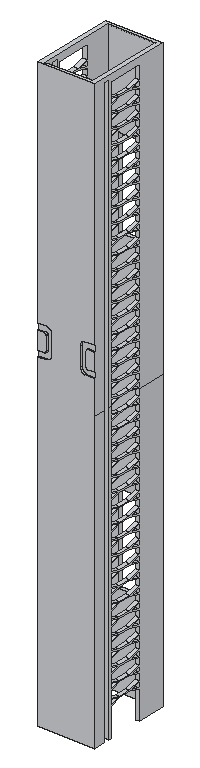
Revit family
Parameters
  Material ID = "760089474"
  Description = "Vertical Cable Management Kit, 8in X 96in (203mm X 2438mm) Single Sided, With Door, Black\r\nVertical Cable Management Kit, 6in X 84in (152mm X 2134mm) Single Sided, With Door, Black\r\nVERTICAL CABLE MANAGEMENT KIT, 6IN X 84IN(152MM X 2134MM) SINGLE SIDED, WITH DOOR, BLACK"
Reference planes (in)
  plane 1 "Center (Front/Back)": y = 0
  plane 2: z = 0
  plane 3 "Center (Left/Right)": x = 0
Forms (in)
  Extrusion 1, void, not visible
    sketch origin (0, 0, 0) x (1, 0, 0) y (0, 0, 1)
      loop
        line (-7.85662, 0.48089) -> (-7.85662, -0.39002) -> (-7.67285, -0.39002) -> (-7.67285, -0.64002) -> (-7.0736, -0.64002) -> (-7.0736, -0.39002) -> (-6.92978, -0.39002) -> (-6.92978, 0.48089) -> (-7.85662, 0.48089)
    from -3.79215 to 12
  Extrusion 2, void, not visible
    sketch origin (0, 0, 0) x (1, 0, 0) y (0, 0, 1)
      loop
        line (-8.21397, 0.42583) -> (-8.21397, -0.07417) -> (-8.08657, -0.07417) -> (-8.08657, -0.27417) -> (-7.83657, -0.27417) -> (-7.83657, -0.07417) -> (-7.72497, -0.07417) -> (-7.72497, 0.42583) -> (-8.21397, 0.42583)
    from 0.74059 to 3.34334
  Extrusion 3, solid
    sketch origin (0, 0, 0) x (1, 0, 0) y (0, 0, 1)
      loop
        line (4, 42) -> (-4, 42) -> (-4, -42) -> (4, -42) -> (4, 0) -> (4, 42)
    from 11.281 to -0.669
  Extrusion 4, void
    sketch origin (0, 0, 0) x (1, 0, 0) y (0, 0, 1)
      loop
        line (-4, 9.00056) -> (-4, 8.06684) -> (-3.1, 8.06684)
        arc (-3.1, 8.06684) -> (-2.88787, 7.97898) -> (-2.8, 7.76684) r 0.3
        line (-2.8, 7.76684) -> (-2.8, 5.85056)
        arc (-2.8, 5.85056) -> (-2.88787, 5.63843) -> (-3.1, 5.55056) r 0.3
        line (-3.1, 5.55056) -> (-4, 5.55056) -> (-4, 4.75056) -> (-2.8, 4.75056)
        arc (-2.8, 4.75056) -> (-2.23431, 4.98488) -> (-2, 5.55056) r 0.8
        line (-2, 5.55056) -> (-2, 8.20056)
        arc (-2, 8.20056) -> (-2.23431, 8.76625) -> (-2.8, 9.00056) r 0.8
        line (-2.8, 9.00056) -> (-4, 9.00056)
      loop
        line (4, 9.00056) -> (2.8, 9.00056)
        arc (2.8, 9.00056) -> (2.23431, 8.76625) -> (2, 8.20056) r 0.8
        line (2, 8.20056) -> (2, 5.55056)
        arc (2, 5.55056) -> (2.23431, 4.98488) -> (2.8, 4.75056) r 0.8
        line (2.8, 4.75056) -> (4, 4.75056) -> (4, 5.55056) -> (3.1, 5.55056)
        arc (3.1, 5.55056) -> (2.88787, 5.63843) -> (2.8, 5.85056) r 0.3
        line (2.8, 5.85056) -> (2.8, 7.76684)
        arc (2.8, 7.76684) -> (2.88787, 7.97898) -> (3.1, 8.06684) r 0.3
        line (3.1, 8.06684) -> (4, 8.06684) -> (4, 9.00056)
    from 11.08569 to 11.281
  Extrusion 5, void
    sketch origin (0, 0, 0) x (1, 0, 0) y (0, 1, 0)
      loop
        line (3.45983, 0.18675) -> (-3.29017, 0.18675) -> (-3.29017, -10.9115) -> (3.45983, -10.9115) -> (3.45983, 0.18675)
    from -58.88014 to 54.97812
  Extrusion 6, void
    sketch origin (0, 0, 0) x (0, 1, 0) y (0, 0, 1)
      loop
        line (-3.37841, 39.06909) -> (-3.37841, 41.06909) -> (-8.50915, 41.06909) -> (-8.50915, 39.06909) -> (-6.81878, 38.61615) -> (-5.06878, 38.61615) -> (-3.37841, 39.06909)
      loop
        line (-3.37841, 38.06909) -> (-5.06878, 38.52202) -> (-6.81878, 38.52202) -> (-8.50915, 38.06909) -> (-8.50915, 37.81909) -> (-8.50915, 37.06909) -> (-6.81878, 36.61615) -> (-5.06878, 36.61615) -> (-3.37841, 37.06909) -> (-3.37841, 37.81909) -> (-3.37841, 38.06909)
      loop
        line (-3.37841, 39.00985) -> (-4.9864, 38.57899) -> (-3.37841, 38.14813) -> (-3.37841, 39.00985)
      loop
        line (-8.50915, 39.00985) -> (-8.50915, 38.14813) -> (-6.90115, 38.57899) -> (-8.50915, 39.00985)
      loop
        line (-3.37841, 36.06909) -> (-5.06878, 36.52202) -> (-6.81878, 36.52202) -> (-8.50915, 36.06909) -> (-8.50915, 35.06909) -> (-6.81878, 34.61615) -> (-5.06878, 34.61615) -> (-3.37841, 35.06909) -> (-3.37841, 36.06909)
      loop
        line (-3.37841, 37.00985) -> (-4.9864, 36.57899) -> (-3.37841, 36.14813) -> (-3.37841, 37.00985)
      loop
        line (-8.50915, 37.00985) -> (-8.50915, 36.14813) -> (-6.90115, 36.57899) -> (-8.50915, 37.00985)
      loop
        line (-3.37841, 34.06909) -> (-5.06878, 34.52202) -> (-6.81878, 34.52202) -> (-8.50915, 34.06909) -> (-8.50915, 33.06909) -> (-6.81878, 32.61615) -> (-5.06878, 32.61615) -> (-3.37841, 33.06909) -> (-3.37841, 34.06909)
      loop
        line (-3.37841, 35.00985) -> (-4.9864, 34.57899) -> (-3.37841, 34.14813) -> (-3.37841, 35.00985)
      loop
        line (-8.50915, 35.00985) -> (-8.50915, 34.14813) -> (-6.90115, 34.57899) -> (-8.50915, 35.00985)
      loop
        line (-3.37841, 32.06909) -> (-5.06878, 32.52202) -> (-6.81878, 32.52202) -> (-8.50915, 32.06909) -> (-8.50915, 31.06909) -> (-6.81878, 30.61615) -> (-5.06878, 30.61615) -> (-3.37841, 31.06909) -> (-3.37841, 32.06909)
      loop
        line (-3.37841, 33.00985) -> (-4.9864, 32.57899) -> (-3.37841, 32.14813) -> (-3.37841, 33.00985)
      loop
        line (-8.50915, 33.00985) -> (-8.50915, 32.14813) -> (-6.90115, 32.57899) -> (-8.50915, 33.00985)
      loop
        line (-3.37841, 30.06909) -> (-5.06878, 30.52202) -> (-6.81878, 30.52202) -> (-8.50915, 30.06909) -> (-8.50915, 29.06909) -> (-6.81878, 28.61615) -> (-5.06878, 28.61615) -> (-3.37841, 29.06909) -> (-3.37841, 30.06909)
      loop
        line (-3.37841, 31.00985) -> (-4.9864, 30.57899) -> (-3.37841, 30.14813) -> (-3.37841, 31.00985)
      loop
        line (-8.50915, 31.00985) -> (-8.50915, 30.14813) -> (-6.90115, 30.57899) -> (-8.50915, 31.00985)
      loop
        line (-3.37841, 28.06909) -> (-5.06878, 28.52202) -> (-6.81878, 28.52202) -> (-8.50915, 28.06909) -> (-8.50915, 27.06909) -> (-6.81878, 26.61615) -> (-5.06878, 26.61615) -> (-3.37841, 27.06909) -> (-3.37841, 28.06909)
      loop
        line (-3.37841, 29.00985) -> (-4.9864, 28.57899) -> (-3.37841, 28.14813) -> (-3.37841, 29.00985)
      loop
        line (-8.50915, 29.00985) -> (-8.50915, 28.14813) -> (-6.90115, 28.57899) -> (-8.50915, 29.00985)
      loop
        line (-3.37841, 26.06909) -> (-5.06878, 26.52202) -> (-6.81878, 26.52202) -> (-8.50915, 26.06909) -> (-8.50915, 25.06909) -> (-6.81878, 24.61615) -> (-5.06878, 24.61615) -> (-3.37841, 25.06909) -> (-3.37841, 26.06909)
      loop
        line (-3.37841, 27.00985) -> (-4.9864, 26.57899) -> (-3.37841, 26.14813) -> (-3.37841, 27.00985)
      loop
        line (-8.50915, 27.00985) -> (-8.50915, 26.14813) -> (-6.90115, 26.57899) -> (-8.50915, 27.00985)
      loop
        line (-3.37841, 24.06909) -> (-5.06878, 24.52202) -> (-6.81878, 24.52202) -> (-8.50915, 24.06909) -> (-8.50915, 23.06909) -> (-6.81878, 22.61615) -> (-5.06878, 22.61615) -> (-3.37841, 23.06909) -> (-3.37841, 24.06909)
      loop
        line (-3.37841, 25.00985) -> (-4.9864, 24.57899) -> (-3.37841, 24.14813) -> (-3.37841, 25.00985)
      loop
        line (-8.50915, 25.00985) -> (-8.50915, 24.14813) -> (-6.90115, 24.57899) -> (-8.50915, 25.00985)
      loop
        line (-3.37841, 22.06909) -> (-5.06878, 22.52202) -> (-6.81878, 22.52202) -> (-8.50915, 22.06909) -> (-8.50915, 21.06909) -> (-6.81878, 20.61615) -> (-5.06878, 20.61615) -> (-3.37841, 21.06909) -> (-3.37841, 22.06909)
      loop
        line (-3.37841, 23.00985) -> (-4.9864, 22.57899) -> (-3.37841, 22.14813) -> (-3.37841, 23.00985)
      loop
        line (-8.50915, 23.00985) -> (-8.50915, 22.14813) -> (-6.90115, 22.57899) -> (-8.50915, 23.00985)
      loop
        line (-3.37841, 20.06909) -> (-5.06878, 20.52202) -> (-6.81878, 20.52202) -> (-8.50915, 20.06909) -> (-8.50915, 19.06909) -> (-6.81878, 18.61615) -> (-5.06878, 18.61615) -> (-3.37841, 19.06909) -> (-3.37841, 20.06909)
      loop
        line (-3.37841, 21.00985) -> (-4.9864, 20.57899) -> (-3.37841, 20.14813) -> (-3.37841, 21.00985)
      loop
        line (-8.50915, 21.00985) -> (-8.50915, 20.14813) -> (-6.90115, 20.57899) -> (-8.50915, 21.00985)
      loop
        line (-3.37841, 18.06909) -> (-5.06878, 18.52202) -> (-6.81878, 18.52202) -> (-8.50915, 18.06909) -> (-8.50915, 17.06909) -> (-6.81878, 16.61615) -> (-5.06878, 16.61615) -> (-3.37841, 17.06909) -> (-3.37841, 18.06909)
      loop
        line (-3.37841, 19.00985) -> (-4.9864, 18.57899) -> (-3.37841, 18.14813) -> (-3.37841, 19.00985)
      loop
        line (-8.50915, 19.00985) -> (-8.50915, 18.14813) -> (-6.90115, 18.57899) -> (-8.50915, 19.00985)
      loop
        line (-3.37841, 16.06909) -> (-5.06878, 16.52202) -> (-6.81878, 16.52202) -> (-8.50915, 16.06909) -> (-8.50915, 15.06909) -> (-6.81878, 14.61615) -> (-5.06878, 14.61615) -> (-3.37841, 15.06909) -> (-3.37841, 16.06909)
      loop
        line (-3.37841, 17.00985) -> (-4.9864, 16.57899) -> (-3.37841, 16.14813) -> (-3.37841, 17.00985)
      loop
        line (-8.50915, 17.00985) -> (-8.50915, 16.14813) -> (-6.90115, 16.57899) -> (-8.50915, 17.00985)
      loop
        line (-3.37841, 14.06909) -> (-5.06878, 14.52202) -> (-6.81878, 14.52202) -> (-8.50915, 14.06909) -> (-8.50915, 13.06909) -> (-6.81878, 12.61615) -> (-5.06878, 12.61615) -> (-3.37841, 13.06909) -> (-3.37841, 14.06909)
      loop
        line (-3.37841, 15.00985) -> (-4.9864, 14.57899) -> (-3.37841, 14.14813) -> (-3.37841, 15.00985)
      loop
        line (-8.50915, 15.00985) -> (-8.50915, 14.14813) -> (-6.90115, 14.57899) -> (-8.50915, 15.00985)
      loop
        line (-3.37841, 12.06909) -> (-5.06878, 12.52202) -> (-6.81878, 12.52202) -> (-8.50915, 12.06909) -> (-8.50915, 11.06909) -> (-6.81878, 10.61615) -> (-5.06878, 10.61615) -> (-3.37841, 11.06909) -> (-3.37841, 12.06909)
      loop
        line (-3.37841, 13.00985) -> (-4.9864, 12.57899) -> (-3.37841, 12.14813) -> (-3.37841, 13.00985)
      loop
        line (-8.50915, 13.00985) -> (-8.50915, 12.14813) -> (-6.90115, 12.57899) -> (-8.50915, 13.00985)
      loop
        line (-3.37841, 10.06909) -> (-5.06878, 10.52202) -> (-6.81878, 10.52202) -> (-8.50915, 10.06909) -> (-8.50915, 9.06909) -> (-6.81878, 8.61615) -> (-5.06878, 8.61615) -> (-3.37841, 9.06909) -> (-3.37841, 10.06909)
      loop
        line (-3.37841, 11.00985) -> (-4.9864, 10.57899) -> (-3.37841, 10.14813) -> (-3.37841, 11.00985)
      loop
        line (-8.50915, 11.00985) -> (-8.50915, 10.14813) -> (-6.90115, 10.57899) -> (-8.50915, 11.00985)
      loop
        line (-3.37841, 8.06909) -> (-5.06878, 8.52202) -> (-6.81878, 8.52202) -> (-8.50915, 8.06909) -> (-8.50915, 7.06909) -> (-6.81878, 6.61615) -> (-5.06878, 6.61615) -> (-3.37841, 7.06909) -> (-3.37841, 8.06909)
      loop
        line (-3.37841, 9.00985) -> (-4.9864, 8.57899) -> (-3.37841, 8.14813) -> (-3.37841, 9.00985)
      loop
        line (-8.50915, 9.00985) -> (-8.50915, 8.14813) -> (-6.90115, 8.57899) -> (-8.50915, 9.00985)
      loop
        line (-3.37841, 6.06909) -> (-5.06878, 6.52202) -> (-6.81878, 6.52202) -> (-8.50915, 6.06909) -> (-8.50915, 5.06909) -> (-6.81878, 4.61615) -> (-5.06878, 4.61615) -> (-3.37841, 5.06909) -> (-3.37841, 6.06909)
      loop
        line (-3.37841, 7.00985) -> (-4.9864, 6.57899) -> (-3.37841, 6.14813) -> (-3.37841, 7.00985)
      loop
        line (-8.50915, 7.00985) -> (-8.50915, 6.14813) -> (-6.90115, 6.57899) -> (-8.50915, 7.00985)
      loop
        line (-3.37841, 4.06909) -> (-5.06878, 4.52202) -> (-6.81878, 4.52202) -> (-8.50915, 4.06909) -> (-8.50915, 3.06909) -> (-6.81878, 2.61615) -> (-5.06878, 2.61615) -> (-3.37841, 3.06909) -> (-3.37841, 4.06909)
      loop
        line (-3.37841, 5.00985) -> (-4.9864, 4.57899) -> (-3.37841, 4.14813) -> (-3.37841, 5.00985)
      loop
        line (-8.50915, 5.00985) -> (-8.50915, 4.14813) -> (-6.90115, 4.57899) -> (-8.50915, 5.00985)
      loop
        line (-3.37841, 2.06909) -> (-5.06878, 2.52202) -> (-6.81878, 2.52202) -> (-8.50915, 2.06909) -> (-8.50915, 1.06909) -> (-6.81878, 0.61615) -> (-5.06878, 0.61615) -> (-3.37841, 1.06909) -> (-3.37841, 2.06909)
      loop
        line (-3.37841, 3.00985) -> (-4.9864, 2.57899) -> (-3.37841, 2.14813) -> (-3.37841, 3.00985)
      loop
        line (-8.50915, 3.00985) -> (-8.50915, 2.14813) -> (-6.90115, 2.57899) -> (-8.50915, 3.00985)
      loop
        line (-3.37841, 0.06909) -> (-5.06878, 0.52202) -> (-6.81878, 0.52202) -> (-8.50915, 0.06909) -> (-8.50915, -0.93091) -> (-6.81878, -1.38385) -> (-5.06878, -1.38385) -> (-3.37841, -0.93091) -> (-3.37841, 0.06909)
      loop
        line (-3.37841, 1.00985) -> (-4.9864, 0.57899) -> (-3.37841, 0.14813) -> (-3.37841, 1.00985)
      loop
        line (-8.50915, 1.00985) -> (-8.50915, 0.14813) -> (-6.90115, 0.57899) -> (-8.50915, 1.00985)
      loop
        line (-3.37841, -1.93091) -> (-5.06878, -1.47798) -> (-6.81878, -1.47798) -> (-8.50915, -1.93091) -> (-8.50915, -2.93091) -> (-6.81878, -3.38385) -> (-5.06878, -3.38385) -> (-3.37841, -2.93091) -> (-3.37841, -1.93091)
      loop
        line (-3.37841, -0.99015) -> (-4.9864, -1.42101) -> (-3.37841, -1.85187) -> (-3.37841, -0.99015)
      loop
        line (-8.50915, -0.99015) -> (-8.50915, -1.85187) -> (-6.90115, -1.42101) -> (-8.50915, -0.99015)
      loop
        line (-3.37841, -3.93091) -> (-5.06878, -3.47798) -> (-6.81878, -3.47798) -> (-8.50915, -3.93091) -> (-8.50915, -4.93091) -> (-6.81878, -5.38385) -> (-5.06878, -5.38385) -> (-3.37841, -4.93091) -> (-3.37841, -3.93091)
      loop
        line (-3.37841, -2.99015) -> (-4.9864, -3.42101) -> (-3.37841, -3.85187) -> (-3.37841, -2.99015)
      loop
        line (-8.50915, -2.99015) -> (-8.50915, -3.85187) -> (-6.90115, -3.42101) -> (-8.50915, -2.99015)
      loop
        line (-3.37841, -5.93091) -> (-5.06878, -5.47798) -> (-6.81878, -5.47798) -> (-8.50915, -5.93091) -> (-8.50915, -6.93091) -> (-6.81878, -7.38385) -> (-5.06878, -7.38385) -> (-3.37841, -6.93091) -> (-3.37841, -5.93091)
      loop
        line (-3.37841, -4.99015) -> (-4.9864, -5.42101) -> (-3.37841, -5.85187) -> (-3.37841, -4.99015)
      loop
        line (-8.50915, -4.99015) -> (-8.50915, -5.85187) -> (-6.90115, -5.42101) -> (-8.50915, -4.99015)
      loop
        line (-3.37841, -7.93091) -> (-5.06878, -7.47798) -> (-6.81878, -7.47798) -> (-8.50915, -7.93091) -> (-8.50915, -8.93091) -> (-6.81878, -9.38385) -> (-5.06878, -9.38385) -> (-3.37841, -8.93091) -> (-3.37841, -7.93091)
      loop
        line (-3.37841, -6.99015) -> (-4.9864, -7.42101) -> (-3.37841, -7.85187) -> (-3.37841, -6.99015)
      loop
        line (-8.50915, -6.99015) -> (-8.50915, -7.85187) -> (-6.90115, -7.42101) -> (-8.50915, -6.99015)
      loop
        line (-3.37841, -9.93091) -> (-5.06878, -9.47798) -> (-6.81878, -9.47798) -> (-8.50915, -9.93091) -> (-8.50915, -10.93091) -> (-6.81878, -11.38385) -> (-5.06878, -11.38385) -> (-3.37841, -10.93091) -> (-3.37841, -9.93091)
      loop
        line (-3.37841, -8.99015) -> (-4.9864, -9.42101) -> (-3.37841, -9.85187) -> (-3.37841, -8.99015)
      loop
        line (-8.50915, -8.99015) -> (-8.50915, -9.85187) -> (-6.90115, -9.42101) -> (-8.50915, -8.99015)
      loop
        line (-3.37841, -11.93091) -> (-5.06878, -11.47798) -> (-6.81878, -11.47798) -> (-8.50915, -11.93091) -> (-8.50915, -12.93091) -> (-6.81878, -13.38385) -> (-5.06878, -13.38385) -> (-3.37841, -12.93091) -> (-3.37841, -11.93091)
      loop
        line (-3.37841, -10.99015) -> (-4.9864, -11.42101) -> (-3.37841, -11.85187) -> (-3.37841, -10.99015)
      loop
        line (-8.50915, -10.99015) -> (-8.50915, -11.85187) -> (-6.90115, -11.42101) -> (-8.50915, -10.99015)
      loop
        line (-3.37841, -13.93091) -> (-5.06878, -13.47798) -> (-6.81878, -13.47798) -> (-8.50915, -13.93091) -> (-8.50915, -14.93091) -> (-6.81878, -15.38385) -> (-5.06878, -15.38385) -> (-3.37841, -14.93091) -> (-3.37841, -13.93091)
      loop
        line (-3.37841, -12.99015) -> (-4.9864, -13.42101) -> (-3.37841, -13.85187) -> (-3.37841, -12.99015)
      loop
        line (-8.50915, -12.99015) -> (-8.50915, -13.85187) -> (-6.90115, -13.42101) -> (-8.50915, -12.99015)
      loop
        line (-3.37841, -15.93091) -> (-5.06878, -15.47798) -> (-6.81878, -15.47798) -> (-8.50915, -15.93091) -> (-8.50915, -16.93091) -> (-6.81878, -17.38385) -> (-5.06878, -17.38385) -> (-3.37841, -16.93091) -> (-3.37841, -15.93091)
      loop
        line (-3.37841, -14.99015) -> (-4.9864, -15.42101) -> (-3.37841, -15.85187) -> (-3.37841, -14.99015)
      loop
        line (-8.50915, -14.99015) -> (-8.50915, -15.85187) -> (-6.90115, -15.42101) -> (-8.50915, -14.99015)
      loop
        line (-3.37841, -17.93091) -> (-5.06878, -17.47798) -> (-6.81878, -17.47798) -> (-8.50915, -17.93091) -> (-8.50915, -18.93091) -> (-6.81878, -19.38385) -> (-5.06878, -19.38385) -> (-3.37841, -18.93091) -> (-3.37841, -17.93091)
      loop
        line (-3.37841, -16.99015) -> (-4.9864, -17.42101) -> (-3.37841, -17.85187) -> (-3.37841, -16.99015)
      loop
        line (-8.50915, -16.99015) -> (-8.50915, -17.85187) -> (-6.90115, -17.42101) -> (-8.50915, -16.99015)
      loop
        line (-3.37841, -19.93091) -> (-5.06878, -19.47798) -> (-6.81878, -19.47798) -> (-8.50915, -19.93091) -> (-8.50915, -20.93091) -> (-6.81878, -21.38385) -> (-5.06878, -21.38385) -> (-3.37841, -20.93091) -> (-3.37841, -19.93091)
      loop
        line (-3.37841, -18.99015) -> (-4.9864, -19.42101) -> (-3.37841, -19.85187) -> (-3.37841, -18.99015)
      loop
        line (-8.50915, -18.99015) -> (-8.50915, -19.85187) -> (-6.90115, -19.42101) -> (-8.50915, -18.99015)
      loop
        line (-3.37841, -21.93091) -> (-5.06878, -21.47798) -> (-6.81878, -21.47798) -> (-8.50915, -21.93091) -> (-8.50915, -22.93091) -> (-6.81878, -23.38385) -> (-5.06878, -23.38385) -> (-3.37841, -22.93091) -> (-3.37841, -21.93091)
      loop
        line (-3.37841, -20.99015) -> (-4.9864, -21.42101) -> (-3.37841, -21.85187) -> (-3.37841, -20.99015)
      loop
        line (-8.50915, -20.99015) -> (-8.50915, -21.85187) -> (-6.90115, -21.42101) -> (-8.50915, -20.99015)
      loop
        line (-3.37841, -23.93091) -> (-5.06878, -23.47798) -> (-6.81878, -23.47798) -> (-8.50915, -23.93091) -> (-8.50915, -24.93091) -> (-6.81878, -25.38385) -> (-5.06878, -25.38385) -> (-3.37841, -24.93091) -> (-3.37841, -23.93091)
      loop
        line (-3.37841, -22.99015) -> (-4.9864, -23.42101) -> (-3.37841, -23.85187) -> (-3.37841, -22.99015)
      loop
        line (-8.50915, -22.99015) -> (-8.50915, -23.85187) -> (-6.90115, -23.42101) -> (-8.50915, -22.99015)
      loop
        line (-3.37841, -25.93091) -> (-5.06878, -25.47798) -> (-6.81878, -25.47798) -> (-8.50915, -25.93091) -> (-8.50915, -26.93091) -> (-6.81878, -27.38385) -> (-5.06878, -27.38385) -> (-3.37841, -26.93091) -> (-3.37841, -25.93091)
      loop
        line (-3.37841, -24.99015) -> (-4.9864, -25.42101) -> (-3.37841, -25.85187) -> (-3.37841, -24.99015)
      loop
        line (-8.50915, -24.99015) -> (-8.50915, -25.85187) -> (-6.90115, -25.42101) -> (-8.50915, -24.99015)
      loop
        line (-3.37841, -27.93091) -> (-5.06878, -27.47798) -> (-6.81878, -27.47798) -> (-8.50915, -27.93091) -> (-8.50915, -28.93091) -> (-6.81878, -29.38385) -> (-5.06878, -29.38385) -> (-3.37841, -28.93091) -> (-3.37841, -27.93091)
      loop
        line (-3.37841, -26.99015) -> (-4.9864, -27.42101) -> (-3.37841, -27.85187) -> (-3.37841, -26.99015)
      loop
        line (-8.50915, -26.99015) -> (-8.50915, -27.85187) -> (-6.90115, -27.42101) -> (-8.50915, -26.99015)
      loop
        line (-3.37841, -29.93091) -> (-5.06878, -29.47798) -> (-6.81878, -29.47798) -> (-8.50915, -29.93091) -> (-8.50915, -30.93091) -> (-6.81878, -31.38385) -> (-5.06878, -31.38385) -> (-3.37841, -30.93091) -> (-3.37841, -29.93091)
      loop
        line (-3.37841, -28.99015) -> (-4.9864, -29.42101) -> (-3.37841, -29.85187) -> (-3.37841, -28.99015)
      loop
        line (-8.50915, -28.99015) -> (-8.50915, -29.85187) -> (-6.90115, -29.42101) -> (-8.50915, -28.99015)
      loop
        line (-3.37841, -31.93091) -> (-5.06878, -31.47798) -> (-6.81878, -31.47798) -> (-8.50915, -31.93091) -> (-8.50915, -32.93091) -> (-6.81878, -33.38385) -> (-5.06878, -33.38385) -> (-3.37841, -32.93091) -> (-3.37841, -31.93091)
      loop
        line (-3.37841, -30.99015) -> (-4.9864, -31.42101) -> (-3.37841, -31.85187) -> (-3.37841, -30.99015)
      loop
        line (-8.50915, -30.99015) -> (-8.50915, -31.85187) -> (-6.90115, -31.42101) -> (-8.50915, -30.99015)
      loop
        line (-3.37841, -33.93091) -> (-5.06878, -33.47798) -> (-6.81878, -33.47798) -> (-8.50915, -33.93091) -> (-8.50915, -34.93091) -> (-6.81878, -35.38385) -> (-5.06878, -35.38385) -> (-3.37841, -34.93091) -> (-3.37841, -33.93091)
      loop
        line (-3.37841, -32.99015) -> (-4.9864, -33.42101) -> (-3.37841, -33.85187) -> (-3.37841, -32.99015)
      loop
        line (-8.50915, -32.99015) -> (-8.50915, -33.85187) -> (-6.90115, -33.42101) -> (-8.50915, -32.99015)
      loop
        line (-3.37841, -35.93091) -> (-5.06878, -35.47798) -> (-6.81878, -35.47798) -> (-8.50915, -35.93091) -> (-8.50915, -36.93091) -> (-6.81878, -37.38385) -> (-5.06878, -37.38385) -> (-3.37841, -36.93091) -> (-3.37841, -35.93091)
      loop
        line (-3.37841, -34.99015) -> (-4.9864, -35.42101) -> (-3.37841, -35.85187) -> (-3.37841, -34.99015)
      loop
        line (-8.50915, -34.99015) -> (-8.50915, -35.85187) -> (-6.90115, -35.42101) -> (-8.50915, -34.99015)
      loop
        line (-3.37841, -37.93091) -> (-5.06878, -37.47798) -> (-6.81878, -37.47798) -> (-8.50915, -37.93091) -> (-8.50915, -42) -> (-3.37841, -42) -> (-3.37841, -37.93091)
      loop
        line (-3.37841, -36.99015) -> (-4.9864, -37.42101) -> (-3.37841, -37.85187) -> (-3.37841, -36.99015)
      loop
        line (-8.50915, -36.99015) -> (-8.50915, -37.85187) -> (-6.90115, -37.42101) -> (-8.50915, -36.99015)
    from -16.16264 to 12
  Extrusion 7, void
    sketch origin (0, 0, 0) x (0, 1, 0) y (0, 0, 1)
      loop
        line (-9.74802, 41.47806) -> (-9.74802, -42) -> (-8.75915, -42) -> (-8.75915, 41.47806) -> (-9.74802, 41.47806)
    from -16.48531 to 12
  Extrusion 8, void
    sketch origin (0, 0, 0) x (1, 0, 0) y (0, 0, 1)
      loop
        line (1.49935, 28.88043) -> (-1.75065, 28.88043) -> (-1.75065, 16.13043) -> (1.49935, 16.13043) -> (1.49935, 28.88043)
      loop
        line (1.49935, -28.88043) -> (1.49935, -16.13043) -> (-1.75065, -16.13043) -> (-1.75065, -28.88043) -> (1.49935, -28.88043)
    from -9.86946 to 1.00595
Cuts and joins
  Extrusion 4, Extrusion 5, Extrusion 6, Extrusion 7, Extrusion 8 cuts Extrusion 3
